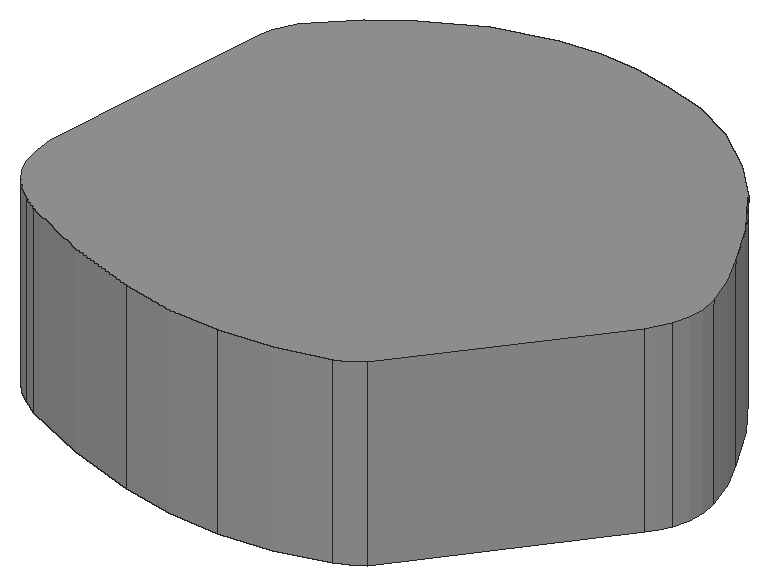
Revit family "Clue_Tables_L38", category Furniture, Revit 2013
Parameters (values of type "CL38")
  Model = "Clue Table L38"
  Length = 3' - 1 7/8"
  Glide = Plastic-Bernhardt-Black
  Description = "Table"
  Width = 2' - 11 3/8"
  URL = "http://bernhardtdesign.com/"
  Product Page URL = "http://www.bernhardtdesign.com/products/clue/index.html"
  Product Name = "Clue"
  Product Documentation Link = "http://www.bernhardtdesign.com/pdf/pricelists/occasional/Clue_PL.pdf"
  Manufacturer = "Bernhardt "  # constant formula
  Level Certification = ""
  Height = 1' - 1 1/2"
  GreenGuard Certification = ""
  Bernhardt Wood = Wood-Bernhardt-Walnut
Reference planes (in)
  plane 1 "Center (Front/Back)": y = 0
  plane 2 "Bottom": z = 0
  plane 3 "Center (Left/Right)": x = 0
  plane 4: z = 13.50993
  plane 5 "top of base": z = 1.33239
  plane 6 "base": z = 0.21067
Forms (in)
  Extrusion 1, solid, material "Wood-Bernhardt-Walnut"
    sketch origin (0, 0, 0.21067) x (1, 0, 0) y (0, 1, 0)
      loop
        line (-16.00926, 0) -> (-16.719, -7.01386)
        arc (-16.719, -7.01386) -> (-16.6006, -8.31103) -> (-16.27613, -9.57254) r 8.11252
        arc (-16.27613, -9.57254) -> (-15.301, -11.36741) -> (-13.79535, -12.74779) r 6.19756
        arc (-13.79535, -12.74779) -> (-13.28802, -13.06825) -> (-12.77249, -13.37533) r 22.92575
        arc (-12.77249, -13.37533) -> (-8.44031, -15.29614) -> (-3.92406, -16.73167) r 43.26905
        arc (-3.92406, -16.73167) -> (-0.59827, -17.33289) -> (2.77985, -17.43627) r 22.81796
        arc (2.77985, -17.43627) -> (6.14073, -17.03866) -> (9.40583, -16.14831) r 22.81796
        arc (9.40583, -16.14831) -> (10.25337, -15.75754) -> (11.01556, -15.21894) r 5.10266
        line (11.01556, -15.21894) -> (20.04781, -3.38532)
        arc (20.04781, -3.38532) -> (20.48068, -2.73391) -> (20.81543, -2.02703) r 5.42699
        arc (20.81543, -2.02703) -> (21.16975, -0.44238) -> (21.03942, 1.17616) r 5.42699
        arc (21.03942, 1.17616) -> (20.26799, 3.2305) -> (19.2575, 5.1784) r 18.40108
        arc (19.2575, 5.1784) -> (17.57056, 8.10711) -> (15.58119, 10.83942) r 31.67785
        arc (15.58119, 10.83942) -> (13.15745, 13.34421) -> (10.33972, 15.39576) r 20.22964
        arc (10.33972, 15.39576) -> (7.63011, 16.70747) -> (4.72587, 17.49992) r 16.3426
        arc (4.72587, 17.49992) -> (2.37995, 17.90715) -> (0, 17.97813) r 16.77394
        arc (0, 17.97813) -> (-1.28122, 17.88156) -> (-2.55291, 17.69811) r 18.89041
        arc (-2.55291, 17.69811) -> (-6.29805, 16.61865) -> (-9.74194, 14.79356) r 18.89041
        arc (-9.74194, 14.79356) -> (-11.91977, 13.10362) -> (-13.84345, 11.1292) r 19.91944
        arc (-13.84345, 11.1292) -> (-14.73058, 9.97769) -> (-15.14073, 8.58315) r 3.94704
        line (-15.14073, 8.58315) -> (-16.00926, 0)
    from 1.12172 to 13.29926
  Extrusion 2, solid, material "Wood-Bernhardt-Walnut"
    sketch origin (0, 0, 0.21067) x (1, 0, 0) y (0, 1, 0)
      loop
        line (-11.23159, 8.10908) -> (-12.77338, -6.56012)
        arc (-12.77338, -6.56012) -> (-12.65884, -7.86942) -> (-12.06215, -9.04047) r 3.44403
        arc (-12.06215, -9.04047) -> (-11.32364, -9.7413) -> (-10.41249, -10.19558) r 3.44403
        arc (-10.41249, -10.19558) -> (-6.39482, -11.93732) -> (-2.24366, -13.3313) r 51.47931
        arc (-2.24366, -13.3313) -> (-1.13227, -13.54859) -> (0, -13.56712) r 6.41669
        arc (0, -13.56712) -> (3.94626, -13.34062) -> (7.80207, -12.47061) r 24.04355
        arc (7.80207, -12.47061) -> (8.11598, -12.34876) -> (8.41109, -12.18662) r 2.55045
        line (8.41109, -12.18662) -> (16.53559, -1.40504)
        arc (16.53559, -1.40504) -> (17.02994, -0.08284) -> (16.72442, 1.2953) r 2.48507
        arc (16.72442, 1.2953) -> (13.49503, 6.95938) -> (8.94051, 11.6249) r 25.62037
        arc (8.94051, 11.6249) -> (4.60838, 13.30497) -> (0, 13.8989) r 19.26436
        arc (0, 13.8989) -> (-5.24027, 12.72041) -> (-9.7282, 9.76953) r 14.98298
        arc (-9.7282, 9.76953) -> (-10.51027, 8.9668) -> (-11.23159, 8.10908) r 15.326
      loop
        arc (0.03413, 11.89853) -> (-4.48084, 10.87003) -> (-8.34766, 8.32241) r 12.98298
        arc (-8.34766, 8.32241) -> (-8.83945, 7.82804) -> (-9.30471, 7.30861) r 13.326
        line (-9.30471, 7.30861) -> (-10.78434, -6.76918)
        arc (-10.78434, -6.76918) -> (-10.73631, -7.31815) -> (-10.48613, -7.80915) r 1.44403
        arc (-10.48613, -7.80915) -> (-10.13097, -8.1336) -> (-9.68894, -8.32338) r 1.44403
        arc (-9.68894, -8.32338) -> (-5.75556, -10.04034) -> (-1.6882, -11.40999) r 49.47931
        arc (-1.6882, -11.40999) -> (-0.87838, -11.56403) -> (-0.05405, -11.5649) r 4.41669
        arc (-0.05405, -11.5649) -> (3.56741, -11.37397) -> (7.10856, -10.59186) r 22.04355
        line (7.10856, -10.59186) -> (14.93832, -0.20141)
        arc (14.93832, -0.20141) -> (15.03599, 0.09322) -> (14.93503, 0.38675) r 0.48507
        arc (14.93503, 0.38675) -> (11.99948, 5.61975) -> (7.84009, 9.94426) r 23.62037
        arc (7.84009, 9.94426) -> (4.05256, 11.38254) -> (0.03413, 11.89853) r 17.26436
    from 0 to 1.12172
Lines and regions (in)
  symbolic lines
    curve 1: arc (-15.14073, 8.58315, 0.21067) -> (-14.73058, 9.97769, 0.21067) -> (-13.84345, 11.1292, 0.21067) r 3.94704
    curve 2: arc (-13.84345, 11.1292, 0.21067) -> (-11.91977, 13.10362, 0.21067) -> (-9.74194, 14.79356, 0.21067) r 19.91944
    curve 3: arc (-9.74194, 14.79356, 0.21067) -> (-6.29805, 16.61865, 0.21067) -> (-2.55291, 17.69811, 0.21067) r 18.89041
    curve 4: arc (3.81936, 17.69811, 0.21067) -> (7.17308, 16.81185, 0.21067) -> (10.33972, 15.39576, 0.21067) r 21.41526
    curve 5: arc (10.33972, 15.39576, 0.21067) -> (13.20514, 13.39908, 0.21067) -> (15.58119, 10.83942, 0.21067) r 16.35182
    curve 6: arc (15.58119, 10.83942, 0.21067) -> (17.57056, 8.10711, 0.21067) -> (19.2575, 5.1784, 0.21067) r 31.67785
    curve 7: arc (19.2575, 5.1784, 0.21067) -> (20.34689, 3.06221, 0.21067) -> (21.1124, 0.80854, 0.21067) r 16.10087
    curve 8: arc (21.1124, 0.80854, 0.21067) -> (21.09868, -1.01656, 0.21067) -> (20.48068, -2.73391, 0.21067) r 5.42699
    curve 9: arc (10.84459, -15.35865, 0.21067) -> (10.15717, -15.8117, 0.21067) -> (9.40583, -16.14831, 0.21067) r 5.10266
    curve 10: arc (9.40583, -16.14831, 0.21067) -> (6.14073, -17.03866, 0.21067) -> (2.77985, -17.43627, 0.21067) r 22.81796
    curve 11: arc (2.77985, -17.43627, 0.21067) -> (-0.59827, -17.33289, 0.21067) -> (-3.92406, -16.73167, 0.21067) r 22.81796
    curve 12: arc (-3.92406, -16.73167, 0.21067) -> (-8.44031, -15.29614, 0.21067) -> (-12.77249, -13.37533, 0.21067) r 43.26905
    curve 13: arc (-12.77249, -13.37533, 0.21067) -> (-14.8646, -11.78746, 0.21067) -> (-16.27613, -9.57254, 0.21067) r 7.45421
    curve 14: arc (-16.27613, -9.57254, 0.21067) -> (-16.63814, -8.31753, 0.21067) -> (-16.719, -7.01386, 0.21067) r 5.97909
    curve 15: line (-16.719, -7.01386, 0.21067) -> (-15.14073, 8.58315, 0.21067)
    curve 16: line (20.48068, -2.73391, 0.21067) -> (10.84459, -15.35865, 0.21067)
    curve 17: arc (-2.55291, 17.69811, 0.21067) -> (-1.28122, 17.88156, 0.21067) -> (0, 17.97813, 0.21067) r 18.89041
    curve 18: arc (0, 17.97813, 0.21067) -> (1.91697, 17.93761, 0.21067) -> (3.81936, 17.69811, 0.21067) r 18.42829
Dimensions and locks (in)
  plane 4 to level = 1' - 1.50993"
  nested 1 to plane 3 "Center (Left/Right)" = 0' - 11.61967"
  nested 1 to plane 1 "Center (Front/Back)" = 0' - 7.95449"
  nested 2 to plane 3 "Center (Left/Right)" = 0' - 10.26565"
  nested 2 to plane 1 "Center (Front/Back)" = 0' - 7.72199"
  nested 3 to plane 3 "Center (Left/Right)" = 0' - 2.43931"
  nested 3 to plane 1 "Center (Front/Back)" = 1' - 0.97593"
  nested 4 to plane 3 "Center (Left/Right)" = 1' - 4.36417"
  nested 5 to plane 3 "Center (Left/Right)" = 0' - 7.77692"
  nested 5 to plane 1 "Center (Front/Back)" = 0' - 11.59002"
  aligned and locked: plane 2 "Bottom" to level
  aligned and locked: plane 3 "Center (Left/Right)" to Extrusion 1 sketch curve
  aligned and locked: Extrusion 1 to plane 5 "top of base"
  aligned and locked: plane 4 to Extrusion 1
  aligned and locked: plane 5 "top of base" to Extrusion 2
Nested families (in)
  nested 1: "Clue_TableFoot" at (-11.61967, -7.95449, 0), type "ClueFoot"
  nested 2: "Clue_TableFoot" at (-10.26565, 7.72199, 0), type "ClueFoot"
  nested 3: "Clue_TableFoot" at (2.43931, 12.97593, 0), type "ClueFoot"
  nested 4: "Clue_TableFoot" at (16.36417, 0, 0), type "ClueFoot"
  nested 5: "Clue_TableFoot" at (7.77692, -11.59002, 0), type "ClueFoot"
Definition of nested family "Clue_TableFoot"
  Parameters (values of type "ClueFoot")
    Model = "Clue Tables xxx"
    Length = 0' - 0"
    Glide = Plastic-Bernhardt-Black
    Description = "Table"
    Width = 0' - 0"
    URL = "http://bernhardtdesign.com/"
    Product Page URL = "xxx"
    Product Name = "Clue"
    Product Documentation Link = "xxx"
    Manufacturer = "Bernhardt "  # constant formula
    Level Certification = ""
    Height = 0' - 0"
    GreenGuard Certification = ""
  Reference planes (in)
    plane 1 "Center (Front/Back)": y = 0
    plane 2 "Bottom": z = 0
    plane 3 "Center (Left/Right)": x = 0
    plane 4: x = -12.6216
    plane 5: through (11.00094, -8.48401, 48) normal (-0.891, 0.454, 0)
  Forms (in)
    Revolve 1, solid, material "Plastic-Bernhardt-Black"
      sketch origin (7.66437, -0.00236, -0.00899) x (1, 0, 0) y (0, 0, 1)
        loop
          line (-7.68479, 0.2122) -> (-7.68479, 0.02302) -> (-7.4716, 0.06752)
          arc (-7.4716, 0.06752) -> (-7.4443, 0.09057) -> (-7.4341, 0.1248) r 0.0625
          line (-7.4341, 0.1248) -> (-7.4341, 0.2122) -> (-7.68479, 0.2122)
        axis (-7.68479, 0.02302) -> (-7.68479, 0.2122)
      angle from 0 to 360
  Dimensions and locks (in)
    aligned and locked: plane 2 "Bottom" to level
